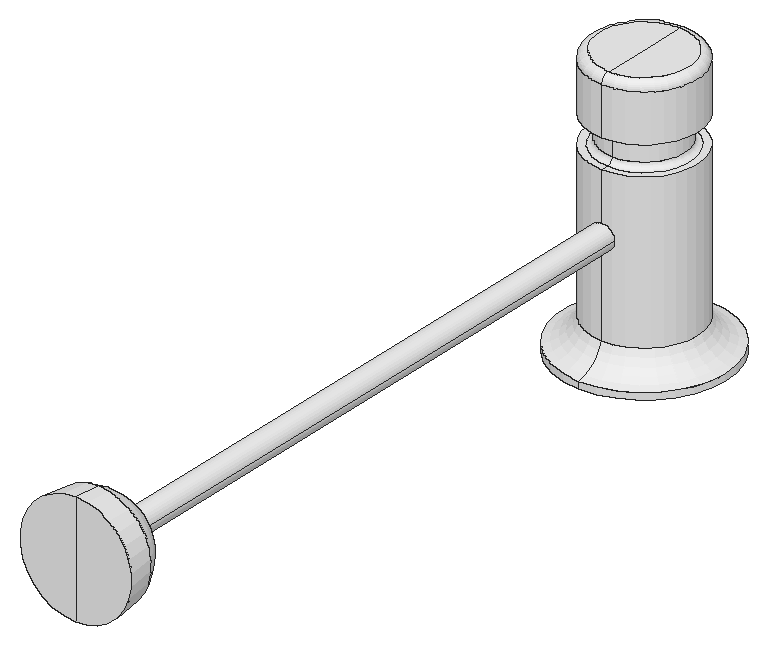
Revit family "Deca_Valvula para mictorio fechamento automatico_Decamatic_2570", category Plumbing Fixtures, host Face, Revit 2019
Family settings
  Host = Face
  Round Connector Dimension = Use Radius
  Part Type = Normal
  Cut with Voids When Loaded = No
  Shared = No
  Room Calculation Point = No
Parameters (values of type "2570.C_Cromado_DN15")
  Vazão na Pressão mín. (L/min) = "4 l/min"
  Vazão na Pressão máx. (L/min) = "18 l/min"
  URL = "www.deca.com.br"
  Tipo de rosca de saída = "BSP NBR 8133"
  Tipo de rosca de entrada = "BSP NBR 8133"
  Tipo de mecanismo utilizado = "-"
  Tipo de dispositivo economizador = "Sim"
  Segmento = "Banheiro Médio"
  Saída de Esgoto = "-"
  Raio Água Fria Saída = 7.5 mm
  Raio Água Fria = 7.5 mm
  Pressão mín. funcionamento = "2 MCA"
  Pressão mín. Aquec. Passagem = "-"
  Pressão mín. Aquec. Acúmulo = "-"
  Pressão máx. funcionamento = "40 MCA"
  Pressão = ""
  Peso Líquido (Kg) = 1.071
  Norma = "NBR13713"
  Model = "2570.C"
  Material = Deca_Cromado
  Manufacturer = "Deca"
  Linha = "Decamatic"
  Itens de Instalação = "-"
  Informações Complementares = "-"
  HWFU = 0
  Diâmetro Água Fria Saída = 2 * Raio Água Fria Saída  # 15 mm
  Diâmetro Água Fria = 2 * Raio Água Fria  # 15 mm
  Description = "Válvula de mictório com fechamento automático"
  Default Elevation = 1100 mm
  Código Pai = "2570"
  Criado por = "quattroD"
  Cores Componente = "-"
  Cor Secundária = "-"
  Cor Principal = "Cromado"
  Cor Interna = "-"
  Consumo = "Váriavel"
  Composição Componente = "-"
  Composição Básica = "Liga de Cobre (bronze e latão),Plásticos de Engenharia,Elastômeros"
  Composição Assento = "-"
  Composição Anel Vedação = "-"
  Categoria = "SISTEMAS DE DESCARGA"
  CWFU = 0
  Atendimento ao Cliente = "0800-0117073"
  Assembly Code = ""
  Aprovado por = "quattroD"
  Acompanha o Produto = "Acompanha Flexivel"
  Acompanha do Producto = ""
Reference planes
  plane 1 "Center (Front/Back)": y = 0
  plane 2: z = 0
  plane 3 "Center (Left/Right)": x = 0
  plane 4 "Top 1": y = 40
  plane 5 "Bottom 1": y = -26
  plane 6 "Bottom 2": y = -319.433
  plane 7 "Left 1": x = -40
  plane 8 "Right 1": x = 40
  plane 9 "Front 1": z = 132.912
  plane 10: y = -350.14
  plane 11: y = 26.003
Forms (mm)
  Revolve 1, solid, material "Deca_Cromado" <- "Material"
    sketch origin (0, 0, 0) x (0, 1, 0) y (0, 0, 1)
      loop
        line (0, 132) -> (0, 0) -> (40, 0) -> (40, 3.261)
        arc (40, 3.261) -> (31.463, 7.302) -> (26, 15.008) r 18.651
        line (26, 15.008) -> (26, 90.48) -> (22.517, 90.48)
        arc (22.517, 90.48) -> (20.483, 91.323) -> (19.64, 93.357) r 2.877
        line (19.64, 93.357) -> (19.64, 101.763)
        arc (19.64, 101.763) -> (18.8, 103.793) -> (16.77, 104.633) r 2.87
        line (16.77, 104.633) -> (26, 104.633) -> (26, 127.905)
        arc (26, 127.905) -> (24.801, 130.801) -> (21.905, 132) r 4.095
        line (21.905, 132) -> (0, 132)
      axis (0, 132) -> (0, 0)
    angle from 0 to 360
  Extrusion 2, solid, material "Deca_Cromado" <- "Material"
    sketch origin (0, 0, 0) x (1, 0, 0) y (0, 0, 1)
      loop
        circle (0, 60.798) r 6
    from 26 to 319.433
  Revolve 3, solid, material "Deca_Cromado" <- "Material"
    sketch origin (0, -164.822, 0) x (0, 1, 0) y (0, 0, 1)
      loop
        line (-184.679, 60.798) -> (-154.372, 60.798) -> (-154.372, 71.344)
        arc (-154.372, 71.344) -> (-155.074, 73.038) -> (-156.769, 73.74) r 2.396
        line (-156.769, 73.74) -> (-156.769, 76.302)
        arc (-156.769, 76.302) -> (-163.116, 82.446) -> (-170.772, 86.854) r 35.889
        line (-170.772, 86.854) -> (-184.679, 88.316) -> (-184.679, 60.798)
      axis (-154.372, 60.798) -> (-184.679, 60.798)
    angle from 0 to 360
Lines and regions (mm)
  Masking region 1
    outline origin (0, 0, 0.469) x (0, 1, 0) y (0, 0, 1)
      loop
        arc (-16.503, 105.145) -> (-18.978, 104.119) -> (-20.003, 101.645) r 3.5
        line (-20.003, 101.645) -> (-20.003, 93.848)
        arc (-20.003, 93.848) -> (-20.881, 91.726) -> (-23.003, 90.848) r 3
        line (-23.003, 90.848) -> (-25.227, 90.848)
        arc (-25.227, 90.848) -> (-25.934, 90.555) -> (-26.227, 89.848) r 1
        line (-26.227, 89.848) -> (-26.227, 85.91)
        arc (-26.227, 85.91) -> (-28.57, 80.253) -> (-34.227, 77.91) r 8
        line (-34.227, 77.91) -> (-61.344, 77.91)
        arc (-61.344, 77.91) -> (-64.879, 76.446) -> (-66.344, 72.91) r 5
        line (-66.344, 72.91) -> (-66.344, 67.297) -> (-319.433, 67.297) -> (-319.433, 55.009) -> (-66.344, 55.009) -> (-66.344, 49.439)
        arc (-66.344, 49.439) -> (-64.879, 45.904) -> (-61.344, 44.439) r 5
        line (-61.344, 44.439) -> (-33.808, 44.439)
        arc (-33.808, 44.439) -> (-28.515, 42.382) -> (-26, 37.29) r 7.839
        line (-26, 37.29) -> (-26, 16.066)
        arc (-26, 16.066) -> (-25.842, 15.458) -> (-25.35, 15.066) r 0.993
        arc (-25.35, 15.066) -> (-25.888, 14.911) -> (-26.261, 14.494) r 1.012
        arc (-26.261, 14.494) -> (-31.458, 7.801) -> (-38.942, 3.829) r 20.202
        arc (-38.942, 3.829) -> (-39.704, 3.309) -> (-40, 2.436) r 1.456
        line (-40, 2.436) -> (-40, 0) -> (40, 0) -> (40, 2.436)
        arc (40, 2.436) -> (39.704, 3.309) -> (38.942, 3.829) r 1.456
        arc (38.942, 3.829) -> (31.458, 7.801) -> (26.261, 14.494) r 20.202
        arc (26.261, 14.494) -> (25.888, 14.911) -> (25.35, 15.066) r 1.012
        arc (25.35, 15.066) -> (25.844, 15.46) -> (26, 16.073) r 0.993
        line (26, 16.073) -> (26, 89.848)
        arc (26, 89.848) -> (25.707, 90.555) -> (25, 90.848) r 1
        line (25, 90.848) -> (22.723, 90.848)
        arc (22.723, 90.848) -> (20.601, 91.726) -> (19.723, 93.848) r 3
        line (19.723, 93.848) -> (19.723, 101.645)
        arc (19.723, 101.645) -> (18.697, 104.119) -> (16.223, 105.145) r 3.5
      loop
        line (16.223, 105.262) -> (26, 105.262) -> (26.002, 129.414)
        arc (26.002, 129.414) -> (24.856, 131.578) -> (22.565, 132.443) r 3.465
        line (22.565, 132.443) -> (-22.565, 132.443)
        arc (-22.565, 132.443) -> (-24.855, 131.578) -> (-26.002, 129.415) r 3.465
        line (-26.002, 129.415) -> (-26.002, 105.262) -> (-16.503, 105.262)
  Masking region 2
    outline origin (0, 0, 0) x (1, 0, 0) y (0, 1, 0)
      loop
        line (-6.356, -206.344) -> (6.356, -206.344) -> (6.356, -70.348) -> (8.508, -70.348) -> (8.508, -66.344) -> (11.502, -66.344)
        arc (11.502, -66.344) -> (15.037, -64.879) -> (16.502, -61.344) r 5
        line (16.502, -61.344) -> (16.502, -37.607)
        arc (16.502, -37.607) -> (16.209, -36.9) -> (15.502, -36.607) r 1
        line (15.502, -36.607) -> (15.502, -35.607)
        arc (15.502, -35.607) -> (16.209, -35.314) -> (16.502, -34.607) r 1
        line (16.502, -34.607) -> (16.502, -33.503)
        arc (16.502, -33.503) -> (-0.001, 40) -> (-16.501, -33.503) r 38.604
        line (-16.501, -33.503) -> (-16.501, -34.611)
        arc (-16.501, -34.611) -> (-16.208, -35.317) -> (-15.502, -35.61) r 0.999
        line (-15.502, -35.61) -> (-15.502, -36.608)
        arc (-15.502, -36.608) -> (-16.209, -36.9) -> (-16.502, -37.607) r 1
        line (-16.502, -37.607) -> (-16.502, -61.344)
        arc (-16.502, -61.344) -> (-15.037, -64.879) -> (-11.502, -66.344) r 5
        line (-11.502, -66.344) -> (-8.508, -66.344) -> (-8.508, -70.348) -> (-6.356, -70.348) -> (-6.356, -206.344)
  Masking region 3
    outline origin (0, 0, 0) x (1, 0, 0) y (0, 1, 0)
      loop
        line (10.466, -206.344) -> (-10.466, -206.344)
        arc (-10.466, -206.344) -> (-12.161, -207.046) -> (-12.863, -208.74) r 2.396
        line (-12.863, -208.74) -> (-15.504, -208.74)
        arc (-15.504, -208.74) -> (-21.747, -215.006) -> (-26.049, -222.734) r 32.187
        line (-26.049, -222.734) -> (-27.512, -236.65) -> (27.512, -236.65) -> (26.049, -222.734)
        arc (26.049, -222.734) -> (21.747, -215.006) -> (15.504, -208.74) r 32.187
        line (15.504, -208.74) -> (12.863, -208.74)
        arc (12.863, -208.74) -> (12.161, -207.046) -> (10.466, -206.344) r 2.396
  Masking region 4
    outline origin (0, -113.405, 0) x (0, 1, 0) y (0, 0, 1)
      loop
        line (-236.735, 89.106) -> (-236.735, 34.21) -> (-223.729, 35.576)
        arc (-223.729, 35.576) -> (-215.611, 39.862) -> (-208.74, 45.95) r 38.471
        line (-208.74, 45.95) -> (-208.74, 47.878)
        arc (-208.74, 47.878) -> (-206.845, 48.45) -> (-206.028, 50.253) r 2.396
        line (-206.028, 50.253) -> (-206.028, 71.344)
        arc (-206.028, 71.344) -> (-206.845, 73.147) -> (-208.74, 73.719) r 2.396
        line (-208.74, 73.719) -> (-208.74, 77.21)
        arc (-208.74, 77.21) -> (-215.867, 83.472) -> (-224.31, 87.8) r 38.471
        line (-224.31, 87.8) -> (-236.735, 89.106)
  Masking region 5
    outline origin (0, 0, 0) x (1, 0, 0) y (0, 0, 1)
      loop
        line (40, 0) -> (40, 2.377)
        arc (40, 2.377) -> (39.704, 3.25) -> (38.942, 3.77) r 1.456
        arc (38.942, 3.77) -> (31.224, 7.942) -> (26.003, 14.993) r 20.202
        line (26.003, 14.993) -> (26.003, 52.538)
        arc (26.003, 52.538) -> (27.326, 60.941) -> (26.003, 69.343) r 27.326
        line (26.003, 69.343) -> (26.003, 90.009)
        arc (26.003, 90.009) -> (25.71, 90.716) -> (25.003, 91.009) r 1
        line (25.003, 91.009) -> (22.802, 91.009) -> (22.802, 103.262)
        arc (22.802, 103.262) -> (22.216, 104.676) -> (20.802, 105.262) r 2
        line (20.802, 105.262) -> (26.003, 105.262) -> (26.003, 130.912)
        arc (26.003, 130.912) -> (25.417, 132.326) -> (24.003, 132.912) r 2
        line (24.003, 132.912) -> (-24.003, 132.912)
        arc (-24.003, 132.912) -> (-25.417, 132.326) -> (-26.003, 130.912) r 2
        line (-26.003, 130.912) -> (-26.003, 105.262) -> (-20.802, 105.262)
        arc (-20.802, 105.262) -> (-22.216, 104.676) -> (-22.802, 103.262) r 2
        line (-22.802, 103.262) -> (-22.802, 91.009) -> (-25.003, 91.009)
        arc (-25.003, 91.009) -> (-25.71, 90.716) -> (-26.003, 90.009) r 1
        line (-26.003, 90.009) -> (-26.003, 69.343)
        arc (-26.003, 69.343) -> (-27.326, 60.941) -> (-26.003, 52.538) r 27.326
        line (-26.003, 52.538) -> (-26.003, 14.993)
        arc (-26.003, 14.993) -> (-31.224, 7.942) -> (-38.942, 3.77) r 20.202
        arc (-38.942, 3.77) -> (-39.704, 3.25) -> (-40, 2.377) r 1.456
        line (-40, 2.377) -> (-40, 0) -> (40, 0)
  symbolic lines
    curve 1: line (-26.049, -222.734, 0) -> (26.049, -222.734, 0)
    curve 2: line (-12.863, -208.74, 0) -> (12.942, -208.74, 0)
    curve 3: circle (0, 1.396, 0) r 26.003 normal (0, 0, 1)
    curve 4: circle (0, 1.396, 0) r 24.003 normal (0, 0, 1)
    curve 5: circle (0, 1.396, 0) r 15.401 normal (0, 0, 1)
    curve 6: line (-1.6, 16.714, 0) -> (-1.6, 11.997, 0)
    curve 7: line (1.6, 11.997, 0) -> (1.6, 16.714, 0)
    curve 8: line (-1.6, 11.997, 0) -> (1.6, 11.997, 0)
    curve 9: line (1.6, -9.205, 0) -> (-1.6, -9.205, 0)
    curve 10: line (-1.6, -9.205, 0) -> (-1.6, -13.921, 0)
    curve 11: line (1.6, -13.921, 0) -> (1.6, -9.205, 0)
    curve 12: line (-16.502, -22.18, 0) -> (-16.502, -33.503, 0)
    curve 13: line (16.502, -33.503, 0) -> (16.502, -22.181, 0)
    curve 14: line (15.502, -35.607, 0) -> (-15.502, -35.607, 0)
    curve 15: line (-15.502, -36.607, 0) -> (15.502, -36.607, 0)
    curve 16: arc (-16.502, -22.18, 0) -> (-17.048, -19.272, 0) -> (-18.613, -16.762, 0) r 8.01
    curve 17: arc (16.502, -22.181, 0) -> (17.049, -19.269, 0) -> (18.618, -16.756, 0) r 8.011
    curve 18: arc (-16.502, -22.18, 0) -> (0, -32.606, 0) -> (16.502, -22.181, 0) r 18.273
    curve 19: line (8.508, -66.344, 0) -> (-8.508, -66.344, 0)
    curve 20: line (-6.356, -70.348, 0) -> (6.356, -70.348, 0)
    curve 21: line (25.208, -220.762, 0) -> (-25.208, -220.762, 0)
    curve 22: line (40, 0, 2.377) -> (-40, 0, 2.377)
    curve 23: line (26.003, 0, 14.993) -> (-26.003, 0, 14.993)
    curve 24: line (26.003, 0, 52.538) -> (26.003, 0, 69.343)
    curve 25: line (-26.003, 0, 52.538) -> (-26.003, 0, 69.343)
    curve 26: line (22.802, 0, 91.009) -> (-22.802, 0, 91.009)
    curve 27: line (20.802, 0, 105.262) -> (-20.802, 0, 105.262)
    curve 28: line (0, 25.35, 15.066) -> (0, -25.35, 15.066)
    curve 29: line (0, 20.802, 105.613) -> (0, -20.802, 105.613)
    curve 30: line (0, 22.802, 91.316) -> (0, -22.802, 91.316)
    curve 31: line (0, -66.344, 69.449) -> (0, -66.344, 52.432)
    curve 32: line (0, 40, 2.436) -> (0, -40, 2.436)
    curve 33: line (0, -38.316, 44.908) -> (0, -38.316, 78.379)
    curve 34: line (0, -37.316, 78.379) -> (0, -37.316, 44.908)
    curve 35: line (0, -337.109, 87.021) -> (0, -337.109, 34.576)
    curve 36: line (0, -335.523, 86.854) -> (0, -335.523, 34.743)
    curve 37: line (0, -321.52, 47.857) -> (0, -321.52, 73.74)
    curve 38: line (0, -115.749, 67.766) -> (0, -115.749, 55.478)
Dimensions and locks
  aligned and locked: host face to plane 2
  aligned and locked: level to host face
  aligned and locked: plane 5 "Bottom 1" to Extrusion 2
  aligned and locked: Extrusion 2 to plane 6 "Bottom 2"
Connectors
  piping at (0, 0, 0), diameter 15, driven by "CWFU", driven by "Raio Água Fria"
    settings: on Revolve 1, index 1, connector inside diameter 0.59055", connector length 0 mm, flow factor 0, pipe flow 0 GPM, pressure drop 0.00 psi, fitting loss kfactor 0, connector angle 0.00°, fixture units 0, engagement length 0 mm, angle of deflection 0.00°, flow configuration 3, flow direction 1, fitting loss method 4, system type 20, joint type 0, gender type 0, connector reference index -1, connector utility 0, adjustable connector no, is connector primary yes, connector description ""
  piping at (0, -349.502, 60.798), diameter 15, driven by "CWFU", driven by "Raio Água Fria Saída"
    settings: on Revolve 3, index 2, connector inside diameter 0.59055", connector length 0 mm, flow factor 0, pipe flow 0 GPM, pressure drop 0.00 psi, fitting loss kfactor 0, connector angle 0.00°, fixture units 0, engagement length 0 mm, angle of deflection 0.00°, flow configuration 3, flow direction 2, fitting loss method 4, system type 20, joint type 0, gender type 0, connector reference index -1, connector utility 0, adjustable connector no, is connector primary no, connector description ""
